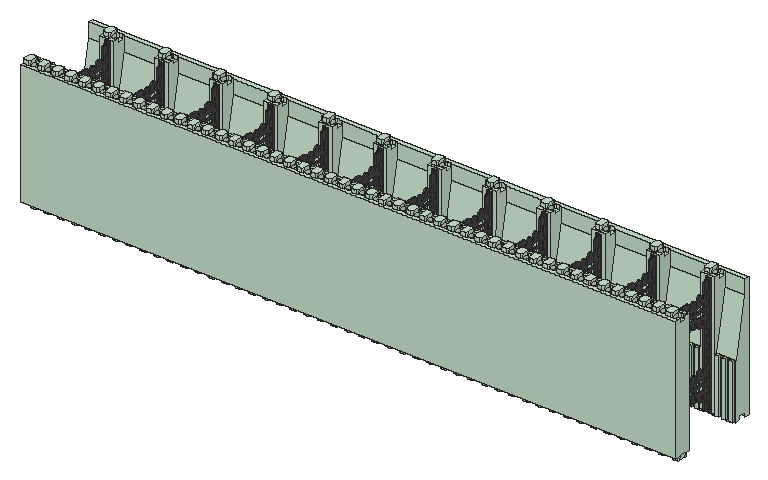
Revit family "ICF- NUDURA 8-inch- Single Sided Taper Top Form Unit- Imperial", category Generic Models, Revit 2011 (continued)
Forms (in)
  Extrusion 172, solid, material "NUDURA Expanded Polystyrene Foam Insulation"
    sketch origin (0, 0, 0) x (1, 0, 0) y (0, 1, 0)
      loop
        line (5.28117, 3.25) -> (5.21883, 3) -> (5.78117, 3) -> (5.71883, 3.25) -> (5.28117, 3.25)
      loop
        line (6.28117, 3.25) -> (6.21883, 3) -> (6.78117, 3) -> (6.71883, 3.25) -> (6.28117, 3.25)
      loop
        line (7.28117, 3.25) -> (7.21883, 3) -> (7.78117, 3) -> (7.71883, 3.25) -> (7.28117, 3.25)
      loop
        line (8.28117, 3.25) -> (8.21883, 3) -> (8.78117, 3) -> (8.71883, 3.25) -> (8.28117, 3.25)
      loop
        line (9.28117, 3.25) -> (9.21883, 3) -> (9.78117, 3) -> (9.71883, 3.25) -> (9.28117, 3.25)
      loop
        line (10.28117, 3.25) -> (10.21883, 3) -> (10.78117, 3) -> (10.71883, 3.25) -> (10.28117, 3.25)
      loop
        line (13.28117, 3.25) -> (13.21883, 3) -> (13.78117, 3) -> (13.71883, 3.25) -> (13.28117, 3.25)
      loop
        line (14.28117, 3.25) -> (14.21883, 3) -> (14.78117, 3) -> (14.71883, 3.25) -> (14.28117, 3.25)
      loop
        line (15.28117, 3.25) -> (15.21883, 3) -> (15.78117, 3) -> (15.71883, 3.25) -> (15.28117, 3.25)
      loop
        line (16.28117, 3.25) -> (16.21883, 3) -> (16.78117, 3) -> (16.71883, 3.25) -> (16.28117, 3.25)
      loop
        line (17.28117, 3.25) -> (17.21883, 3) -> (17.78117, 3) -> (17.71883, 3.25) -> (17.28117, 3.25)
      loop
        line (18.28117, 3.25) -> (18.21883, 3) -> (18.78117, 3) -> (18.71883, 3.25) -> (18.28117, 3.25)
      loop
        line (21.28117, 3.25) -> (21.21883, 3) -> (21.78117, 3) -> (21.71883, 3.25) -> (21.28117, 3.25)
      loop
        line (22.28117, 3.25) -> (22.21883, 3) -> (22.78117, 3) -> (22.71883, 3.25) -> (22.28117, 3.25)
      loop
        line (23.28117, 3.25) -> (23.21883, 3) -> (23.78117, 3) -> (23.71883, 3.25) -> (23.28117, 3.25)
      loop
        line (24.28117, 3.25) -> (24.21883, 3) -> (24.78117, 3) -> (24.71883, 3.25) -> (24.28117, 3.25)
      loop
        line (25.28117, 3.25) -> (25.21883, 3) -> (25.78117, 3) -> (25.71883, 3.25) -> (25.28117, 3.25)
      loop
        line (26.28117, 3.25) -> (26.21883, 3) -> (26.78117, 3) -> (26.71883, 3.25) -> (26.28117, 3.25)
      loop
        line (29.28117, 3.25) -> (29.21883, 3) -> (29.78117, 3) -> (29.71883, 3.25) -> (29.28117, 3.25)
      loop
        line (30.28117, 3.25) -> (30.21883, 3) -> (30.78117, 3) -> (30.71883, 3.25) -> (30.28117, 3.25)
      loop
        line (31.28117, 3.25) -> (31.21883, 3) -> (31.78117, 3) -> (31.71883, 3.25) -> (31.28117, 3.25)
      loop
        line (32.28117, 3.25) -> (32.21883, 3) -> (32.78117, 3) -> (32.71883, 3.25) -> (32.28117, 3.25)
      loop
        line (33.28117, 3.25) -> (33.21883, 3) -> (33.78117, 3) -> (33.71883, 3.25) -> (33.28117, 3.25)
      loop
        line (34.28117, 3.25) -> (34.21883, 3) -> (34.78117, 3) -> (34.71883, 3.25) -> (34.28117, 3.25)
      loop
        line (37.28117, 3.25) -> (37.21883, 3) -> (37.78117, 3) -> (37.71883, 3.25) -> (37.28117, 3.25)
      loop
        line (38.28117, 3.25) -> (38.21883, 3) -> (38.78117, 3) -> (38.71883, 3.25) -> (38.28117, 3.25)
      loop
        line (39.28117, 3.25) -> (39.21883, 3) -> (39.78117, 3) -> (39.71883, 3.25) -> (39.28117, 3.25)
      loop
        line (40.28117, 3.25) -> (40.21883, 3) -> (40.78117, 3) -> (40.71883, 3.25) -> (40.28117, 3.25)
      loop
        line (41.28117, 3.25) -> (41.21883, 3) -> (41.78117, 3) -> (41.71883, 3.25) -> (41.28117, 3.25)
      loop
        line (42.28117, 3.25) -> (42.21883, 3) -> (42.78117, 3) -> (42.71883, 3.25) -> (42.28117, 3.25)
      loop
        line (45.28117, 3.25) -> (45.21883, 3) -> (45.78117, 3) -> (45.71883, 3.25) -> (45.28117, 3.25)
      loop
        line (46.28117, 3.25) -> (46.21883, 3) -> (46.78117, 3) -> (46.71883, 3.25) -> (46.28117, 3.25)
      loop
        line (47.28117, 3.25) -> (47.21883, 3) -> (47.78117, 3) -> (47.71883, 3.25) -> (47.28117, 3.25)
      loop
        line (48.28117, 3.25) -> (48.21883, 3) -> (48.78117, 3) -> (48.71883, 3.25) -> (48.28117, 3.25)
      loop
        line (49.28117, 3.25) -> (49.21883, 3) -> (49.78117, 3) -> (49.71883, 3.25) -> (49.28117, 3.25)
      loop
        line (50.28117, 3.25) -> (50.21883, 3) -> (50.78117, 3) -> (50.71883, 3.25) -> (50.28117, 3.25)
      loop
        line (53.28117, 3.25) -> (53.21883, 3) -> (53.78117, 3) -> (53.71883, 3.25) -> (53.28117, 3.25)
      loop
        line (54.28117, 3.25) -> (54.21883, 3) -> (54.78117, 3) -> (54.71883, 3.25) -> (54.28117, 3.25)
      loop
        line (55.28117, 3.25) -> (55.21883, 3) -> (55.78117, 3) -> (55.71883, 3.25) -> (55.28117, 3.25)
      loop
        line (56.28117, 3.25) -> (56.21883, 3) -> (56.78117, 3) -> (56.71883, 3.25) -> (56.28117, 3.25)
      loop
        line (57.28117, 3.25) -> (57.21883, 3) -> (57.78117, 3) -> (57.71883, 3.25) -> (57.28117, 3.25)
      loop
        line (58.28117, 3.25) -> (58.21883, 3) -> (58.78117, 3) -> (58.71883, 3.25) -> (58.28117, 3.25)
      loop
        line (61.28117, 3.25) -> (61.21883, 3) -> (61.78117, 3) -> (61.71883, 3.25) -> (61.28117, 3.25)
      loop
        line (62.28117, 3.25) -> (62.21883, 3) -> (62.78117, 3) -> (62.71883, 3.25) -> (62.28117, 3.25)
      loop
        line (63.28117, 3.25) -> (63.21883, 3) -> (63.78117, 3) -> (63.71883, 3.25) -> (63.28117, 3.25)
      loop
        line (64.28117, 3.25) -> (64.21883, 3) -> (64.78117, 3) -> (64.71883, 3.25) -> (64.28117, 3.25)
      loop
        line (65.28117, 3.25) -> (65.21883, 3) -> (65.78117, 3) -> (65.71883, 3.25) -> (65.28117, 3.25)
      loop
        line (66.28117, 3.25) -> (66.21883, 3) -> (66.78117, 3) -> (66.71883, 3.25) -> (66.28117, 3.25)
      loop
        line (69.28117, 3.25) -> (69.21883, 3) -> (69.78117, 3) -> (69.71883, 3.25) -> (69.28117, 3.25)
      loop
        line (70.28117, 3.25) -> (70.21883, 3) -> (70.78117, 3) -> (70.71883, 3.25) -> (70.28117, 3.25)
      loop
        line (71.28117, 3.25) -> (71.21883, 3) -> (71.78117, 3) -> (71.71883, 3.25) -> (71.28117, 3.25)
      loop
        line (72.28117, 3.25) -> (72.21883, 3) -> (72.78117, 3) -> (72.71883, 3.25) -> (72.28117, 3.25)
      loop
        line (73.28117, 3.25) -> (73.21883, 3) -> (73.78117, 3) -> (73.71883, 3.25) -> (73.28117, 3.25)
      loop
        line (74.28117, 3.25) -> (74.21883, 3) -> (74.78117, 3) -> (74.71883, 3.25) -> (74.28117, 3.25)
      loop
        line (77.28117, 3.25) -> (77.21883, 3) -> (77.78117, 3) -> (77.71883, 3.25) -> (77.28117, 3.25)
      loop
        line (78.28117, 3.25) -> (78.21883, 3) -> (78.78117, 3) -> (78.71883, 3.25) -> (78.28117, 3.25)
      loop
        line (79.28117, 3.25) -> (79.21883, 3) -> (79.78117, 3) -> (79.71883, 3.25) -> (79.28117, 3.25)
      loop
        line (80.28117, 3.25) -> (80.21883, 3) -> (80.78117, 3) -> (80.71883, 3.25) -> (80.28117, 3.25)
      loop
        line (81.28117, 3.25) -> (81.21883, 3) -> (81.78117, 3) -> (81.71883, 3.25) -> (81.28117, 3.25)
      loop
        line (82.28117, 3.25) -> (82.21883, 3) -> (82.78117, 3) -> (82.71883, 3.25) -> (82.28117, 3.25)
      loop
        line (85.28117, 3.25) -> (85.21883, 3) -> (85.78117, 3) -> (85.71883, 3.25) -> (85.28117, 3.25)
      loop
        line (86.28117, 3.25) -> (86.21883, 3) -> (86.78117, 3) -> (86.71883, 3.25) -> (86.28117, 3.25)
      loop
        line (87.28117, 3.25) -> (87.21883, 3) -> (87.78117, 3) -> (87.71883, 3.25) -> (87.28117, 3.25)
      loop
        line (88.28117, 3.25) -> (88.21883, 3) -> (88.78117, 3) -> (88.71883, 3.25) -> (88.28117, 3.25)
      loop
        line (89.28117, 3.25) -> (89.21883, 3) -> (89.78117, 3) -> (89.71883, 3.25) -> (89.28117, 3.25)
      loop
        line (90.28117, 3.25) -> (90.21883, 3) -> (90.78117, 3) -> (90.71883, 3.25) -> (90.28117, 3.25)
      loop
        line (93.28117, 3.25) -> (93.21883, 3) -> (93.78117, 3) -> (93.71883, 3.25) -> (93.28117, 3.25)
      loop
        line (94.28117, 3.25) -> (94.21883, 3) -> (94.78117, 3) -> (94.71883, 3.25) -> (94.28117, 3.25)
      loop
        line (95.28117, 3.25) -> (95.21883, 3) -> (95.78117, 3) -> (95.71883, 3.25) -> (95.28117, 3.25)
    from 0 to 8
Cuts and joins
  Extrusion 2, Extrusion 3, Extrusion 4, Extrusion 5, Extrusion 6, Extrusion 7, Extrusion 8, Extrusion 9, Extrusion 10, Extrusion 11, Extrusion 12, Extrusion 13, Extrusion 14, Extrusion 15, Extrusion 16, Extrusion 17, Extrusion 18, Extrusion 19, Extrusion 20, Extrusion 21, Extrusion 22, Extrusion 23, Extrusion 24, Extrusion 25, Extrusion 26, Extrusion 27, Extrusion 28, Extrusion 29, Extrusion 30, Extrusion 31, Extrusion 32, Extrusion 33, Extrusion 34, Extrusion 35, Extrusion 36, Extrusion 37, Extrusion 38, Extrusion 39, Extrusion 40, Extrusion 41, Extrusion 42, Extrusion 43, Extrusion 44, Extrusion 45, Extrusion 46, Extrusion 47, Extrusion 48, Extrusion 49, Extrusion 50, Extrusion 51, Extrusion 52, Extrusion 53, Extrusion 54, Extrusion 55, Extrusion 56, Extrusion 57, Extrusion 58, Extrusion 59, Extrusion 60, Extrusion 61, Extrusion 62, Extrusion 63, Extrusion 64, Extrusion 65, Extrusion 66, Extrusion 67, Extrusion 68, Extrusion 69, Extrusion 70, Extrusion 71, Extrusion 72, Extrusion 73, Extrusion 74, Extrusion 75, Extrusion 76, Extrusion 77, Extrusion 78, Extrusion 79, Extrusion 80, Extrusion 81, Extrusion 82, Extrusion 83, Extrusion 84, Extrusion 85, Extrusion 86, Extrusion 87, Extrusion 88, Extrusion 89, Extrusion 90, Extrusion 91, Extrusion 92, Extrusion 93, Extrusion 94, Extrusion 95, Extrusion 96, Extrusion 97, Extrusion 98, Extrusion 99, Extrusion 100, Extrusion 101, Extrusion 102, Extrusion 103, Extrusion 104, Extrusion 105, Extrusion 106, Extrusion 107, Extrusion 108, Extrusion 109, Extrusion 110, Extrusion 111, Extrusion 112, Extrusion 113, Extrusion 114, Extrusion 115, Extrusion 116, Extrusion 117, Extrusion 118, Extrusion 119, Extrusion 120, Extrusion 121, Extrusion 122, Extrusion 123, Extrusion 124, Extrusion 125, Extrusion 126, Extrusion 127, Extrusion 128, Extrusion 129, Extrusion 130, Extrusion 131, Extrusion 132, Extrusion 133, Extrusion 134, Extrusion 135, Extrusion 136, Extrusion 137, Extrusion 138, Extrusion 139, Extrusion 140, Extrusion 141, Extrusion 142, Extrusion 143, Extrusion 144, Extrusion 145, Extrusion 146, Extrusion 147, Extrusion 148, Extrusion 149, Extrusion 150, Extrusion 151, Extrusion 152, Extrusion 153, Extrusion 154, Extrusion 155, Extrusion 156, Extrusion 157 cuts Extrusion 1
  Extrusion 50, Extrusion 51, Extrusion 52, Extrusion 53, Extrusion 54, Extrusion 55, Extrusion 56, Extrusion 57, Extrusion 58, Extrusion 59, Extrusion 60, Extrusion 61, Extrusion 110, Extrusion 111, Extrusion 112, Extrusion 113, Extrusion 114, Extrusion 115, Extrusion 116, Extrusion 117, Extrusion 118, Extrusion 119, Extrusion 120, Extrusion 121, Extrusion 122, Extrusion 123, Extrusion 124, Extrusion 125, Extrusion 126, Extrusion 127, Extrusion 128, Extrusion 129, Extrusion 130, Extrusion 131, Extrusion 132, Extrusion 133, Extrusion 134, Extrusion 135, Extrusion 136, Extrusion 137, Extrusion 138, Extrusion 139, Extrusion 140, Extrusion 141, Extrusion 142, Extrusion 143, Extrusion 144, Extrusion 145, Extrusion 146, Extrusion 147, Extrusion 148, Extrusion 149, Extrusion 150, Extrusion 151, Extrusion 152, Extrusion 153, Extrusion 154, Extrusion 155, Extrusion 156, Extrusion 157 cuts Extrusion 158
  Extrusion 61 cuts Extrusion 159
  Extrusion 60 cuts Extrusion 160
  Extrusion 59 cuts Extrusion 161
  Extrusion 58 cuts Extrusion 162
  Extrusion 57 cuts Extrusion 163
  Extrusion 56 cuts Extrusion 164
  Extrusion 55 cuts Extrusion 165
  Extrusion 54 cuts Extrusion 166
  Extrusion 53 cuts Extrusion 167
  Extrusion 53 cuts Extrusion 168
  Extrusion 52 cuts Extrusion 169
  Extrusion 51 cuts Extrusion 170
  Extrusion 50 cuts Extrusion 171
  joined: Extrusion 158, Extrusion 159, Extrusion 160, Extrusion 161, Extrusion 162, Extrusion 163, Extrusion 164, Extrusion 165, Extrusion 166, Extrusion 167, Extrusion 168, Extrusion 169, Extrusion 170, Extrusion 171, Extrusion 172
Lines and regions (in)
  model lines
    curve 1: line (8, -7.625, 18) -> (8, -7.625, 0)
    curve 2: line (88, 5.625, 18) -> (88, 5.625, 0)
    curve 3: line (64, 5.625, 18) -> (64, 5.625, 0)
    curve 4: line (40, 5.625, 18) -> (40, 5.625, 0)
    curve 5: line (16, 5.625, 18) -> (16, 5.625, 0)
Dimensions and locks (in)
  locked: plane 3 "Center (Left/Right)" to plane 4 at 96
  plane 6 to plane 5 = 0' - 8"
  locked: plane 5 to plane 7 at 2.625
  locked: plane 8 to plane 6 at 2.625
  locked: plane 9 to level at 18
  locked: plane 4 to plane 3 "Center (Left/Right)" at 96
  locked: plane 9 to plane 10 at 0.5
  locked: plane 11 to level at 0.5
  aligned and locked: plane 9 to Extrusion 1
  aligned and locked: Extrusion 1 to plane 3 "Center (Left/Right)"
  aligned and locked: plane 4 to Extrusion 1
  aligned and locked: level to Extrusion 1
  aligned and locked: nested 1 to plane 8
  aligned and locked: nested 124 to cut or joined group 1 (Extrusion 1, Extrusion 2, Extrusion 3, Extrusion 4, Extrusion 5, Extrusion 6, Extrusion 7, Extrusion 8, Extrusion 9, Extrusion 10, Extrusion 11, Extrusion 12, Extrusion 13, Extrusion 14, Extrusion 15, Extrusion 16, Extrusion 17, Extrusion 18, Extrusion 19, Extrusion 20, Extrusion 21, Extrusion 22, Extrusion 23, Extrusion 24, Extrusion 25, Extrusion 26, Extrusion 27, Extrusion 28, Extrusion 29, Extrusion 30, Extrusion 31, Extrusion 32, Extrusion 33, Extrusion 34, Extrusion 35, Extrusion 36, Extrusion 37, Extrusion 38, Extrusion 39, Extrusion 40, Extrusion 41, Extrusion 42, Extrusion 43, Extrusion 44, Extrusion 45, Extrusion 46, Extrusion 47, Extrusion 48, Extrusion 49, Extrusion 50, Extrusion 51, Extrusion 52, Extrusion 53, Extrusion 54, Extrusion 55, Extrusion 56, Extrusion 57, Extrusion 58, Extrusion 59, Extrusion 60, Extrusion 61, Extrusion 62, Extrusion 63, Extrusion 64, Extrusion 65, Extrusion 66, Extrusion 67, Extrusion 68, Extrusion 69, Extrusion 70, Extrusion 71, Extrusion 72, Extrusion 73, Extrusion 74, Extrusion 75, Extrusion 76, Extrusion 77, Extrusion 78, Extrusion 79, Extrusion 80, Extrusion 81, Extrusion 82, Extrusion 83, Extrusion 84, Extrusion 85, Extrusion 86, Extrusion 87, Extrusion 88, Extrusion 89, Extrusion 90, Extrusion 91, Extrusion 92, Extrusion 93, Extrusion 94, Extrusion 95, Extrusion 96, Extrusion 97, Extrusion 98, Extrusion 99, Extrusion 100, Extrusion 101, Extrusion 102, Extrusion 103, Extrusion 104, Extrusion 105, Extrusion 106, Extrusion 107, Extrusion 108, Extrusion 109, Extrusion 110, Extrusion 111, Extrusion 112, Extrusion 113, Extrusion 114, Extrusion 115, Extrusion 116, Extrusion 117, Extrusion 118, Extrusion 119, Extrusion 120, Extrusion 121, Extrusion 122, Extrusion 123, Extrusion 124, Extrusion 125, Extrusion 126, Extrusion 127, Extrusion 128, Extrusion 129, Extrusion 130, Extrusion 131, Extrusion 132, Extrusion 133, Extrusion 134, Extrusion 135, Extrusion 136, Extrusion 137, Extrusion 138, Extrusion 139, Extrusion 140, Extrusion 141, Extrusion 142, Extrusion 143, Extrusion 144, Extrusion 145, Extrusion 146, Extrusion 147, Extrusion 148, Extrusion 149, Extrusion 150, Extrusion 151, Extrusion 152, Extrusion 153, Extrusion 154, Extrusion 155, Extrusion 156, Extrusion 157)
  aligned and locked: nested 173 to cut or joined group 1
  aligned and locked: cut or joined group 1 to nested 174
  aligned and locked: cut or joined group 1 to nested 175
  aligned and locked: cut or joined group 1 to nested 176
Nested families (in)
  nested 1: "NUDURA Diamond Pattern" at (0, -2, 0), type "NUDURA Diamond Pattern"
  nested 2: "NUDURA Diamond Pattern" at (16, -2, 0), type "NUDURA Diamond Pattern"
  nested 3: "NUDURA Diamond Pattern" at (24, -2, 0), type "NUDURA Diamond Pattern"
  nested 4: "NUDURA Diamond Pattern" at (40, -2, 0), type "NUDURA Diamond Pattern"
  nested 5: "NUDURA Diamond Pattern" at (48, -2, 0), type "NUDURA Diamond Pattern"
  nested 6: "NUDURA Diamond Pattern" at (64, -2, 0), type "NUDURA Diamond Pattern"
  nested 7: "NUDURA Diamond Pattern" at (72, -2, 0), type "NUDURA Diamond Pattern"
  nested 8: "NUDURA Diamond Pattern" at (88, -2, 0), type "NUDURA Diamond Pattern"
  nested 9: "NUDURA Diamond Pattern" at (0, 0, 0), type "NUDURA Diamond Pattern"
  nested 10: "NUDURA Diamond Pattern" at (16, 0, 0), type "NUDURA Diamond Pattern"
  nested 11: "NUDURA Diamond Pattern" at (24, 0, 0), type "NUDURA Diamond Pattern"
  nested 12: "NUDURA Diamond Pattern" at (40, 0, 0), type "NUDURA Diamond Pattern"
  nested 13: "NUDURA Diamond Pattern" at (48, 0, 0), type "NUDURA Diamond Pattern"
  nested 14: "NUDURA Diamond Pattern" at (64, 0, 0), type "NUDURA Diamond Pattern"
  nested 15: "NUDURA Diamond Pattern" at (72, 0, 0), type "NUDURA Diamond Pattern"
  nested 16: "NUDURA Diamond Pattern" at (88, 0, 0), type "NUDURA Diamond Pattern"
  nested 17: "Interlock Tooth" at (0, -2, 0), type "Interlock Tooth"
  nested 18: "Interlock Tooth" at (2, -2, 0), type "Interlock Tooth"
  nested 19: "Interlock Tooth" at (4, -2, 0), type "Interlock Tooth"
  nested 20: "Interlock Tooth" at (6, -2, 0), type "Interlock Tooth"
  nested 21: "Interlock Tooth" at (8, -2, 0), type "Interlock Tooth"
  nested 22: "Interlock Tooth" at (10, -2, 0), type "Interlock Tooth"
  nested 23: "Interlock Tooth" at (12, -2, 0), type "Interlock Tooth"
  nested 24: "Interlock Tooth" at (14, -2, 0), type "Interlock Tooth"
  nested 25: "Interlock Tooth" at (16, -2, 0), type "Interlock Tooth"
  nested 26: "Interlock Tooth" at (18, -2, 0), type "Interlock Tooth"
  nested 27: "Interlock Tooth" at (20, -2, 0), type "Interlock Tooth"
  nested 28: "Interlock Tooth" at (22, -2, 0), type "Interlock Tooth"
  nested 29: "Interlock Tooth" at (24, -2, 0), type "Interlock Tooth"
  nested 30: "Interlock Tooth" at (26, -2, 0), type "Interlock Tooth"
  nested 31: "Interlock Tooth" at (28, -2, 0), type "Interlock Tooth"
  nested 32: "Interlock Tooth" at (30, -2, 0), type "Interlock Tooth"
  nested 33: "Interlock Tooth" at (32, -2, 0), type "Interlock Tooth"
  nested 34: "Interlock Tooth" at (34, -2, 0), type "Interlock Tooth"
  nested 35: "Interlock Tooth" at (36, -2, 0), type "Interlock Tooth"
  nested 36: "Interlock Tooth" at (38, -2, 0), type "Interlock Tooth"
  nested 37: "Interlock Tooth" at (40, -2, 0), type "Interlock Tooth"
  nested 38: "Interlock Tooth" at (42, -2, 0), type "Interlock Tooth"
  nested 39: "Interlock Tooth" at (44, -2, 0), type "Interlock Tooth"
  nested 40: "Interlock Tooth" at (46, -2, 0), type "Interlock Tooth"
  nested 41: "Interlock Tooth" at (48, -2, 0), type "Interlock Tooth"
  nested 42: "Interlock Tooth" at (50, -2, 0), type "Interlock Tooth"
  nested 43: "Interlock Tooth" at (52, -2, 0), type "Interlock Tooth"
  nested 44: "Interlock Tooth" at (54, -2, 0), type "Interlock Tooth"
  nested 45: "Interlock Tooth" at (56, -2, 0), type "Interlock Tooth"
  nested 46: "Interlock Tooth" at (58, -2, 0), type "Interlock Tooth"
  nested 47: "Interlock Tooth" at (60, -2, 0), type "Interlock Tooth"
  nested 48: "Interlock Tooth" at (62, -2, 0), type "Interlock Tooth"
  nested 49: "Interlock Tooth" at (64, -2, 0), type "Interlock Tooth"
  nested 50: "Interlock Tooth" at (66, -2, 0), type "Interlock Tooth"
  nested 51: "Interlock Tooth" at (68, -2, 0), type "Interlock Tooth"
  nested 52: "Interlock Tooth" at (70, -2, 0), type "Interlock Tooth"
  nested 53: "Interlock Tooth" at (72, -2, 0), type "Interlock Tooth"
  nested 54: "Interlock Tooth" at (74, -2, 0), type "Interlock Tooth"
  nested 55: "Interlock Tooth" at (76, -2, 0), type "Interlock Tooth"
  nested 56: "Interlock Tooth" at (78, -2, 0), type "Interlock Tooth"
  nested 57: "Interlock Tooth" at (80, -2, 0), type "Interlock Tooth"
  nested 58: "Interlock Tooth" at (82, -2, 0), type "Interlock Tooth"
  nested 59: "Interlock Tooth" at (84, -2, 0), type "Interlock Tooth"
  nested 60: "Interlock Tooth" at (86, -2, 0), type "Interlock Tooth"
  nested 61: "Interlock Tooth" at (88, -2, 0), type "Interlock Tooth"
  nested 62: "Interlock Tooth" at (90, -2, 0), type "Interlock Tooth"
  nested 63: "Interlock Tooth" at (92, -2, 0), type "Interlock Tooth"
  nested 64: "Interlock Tooth" at (94, -2, 0), type "Interlock Tooth"
  nested 65: "Interlock Tooth" at (3, 8.875, 0), type "Interlock Tooth"
  nested 66: "Interlock Tooth" at (11, 8.875, 0), type "Interlock Tooth"
  nested 67: "Interlock Tooth" at (19, 8.875, 0), type "Interlock Tooth"
  nested 68: "Interlock Tooth" at (27, 8.875, 0), type "Interlock Tooth"
  nested 69: "Interlock Tooth" at (35, 8.875, 0), type "Interlock Tooth"
  nested 70: "Interlock Tooth" at (43, 8.875, 0), type "Interlock Tooth"
  nested 71: "Interlock Tooth" at (51, 8.875, 0), type "Interlock Tooth"
  nested 72: "Interlock Tooth" at (59, 8.875, 0), type "Interlock Tooth"
  nested 73: "Interlock Tooth" at (67, 8.875, 0), type "Interlock Tooth"
  nested 74: "Interlock Tooth" at (75, 8.875, 0), type "Interlock Tooth"
  nested 75: "Interlock Tooth" at (83, 8.875, 0), type "Interlock Tooth"
  nested 76: "Interlock Tooth" at (91, 8.875, 0), type "Interlock Tooth"
  nested 77: "Interlock Tooth" at (1, -10.875, -18.5), type "Interlock Tooth"
  nested 78: "Interlock Tooth" at (3, -10.875, -18.5), type "Interlock Tooth"
  nested 79: "Interlock Tooth" at (5, -10.875, -18.5), type "Interlock Tooth"
  nested 80: "Interlock Tooth" at (7, -10.875, -18.5), type "Interlock Tooth"
  nested 81: "Interlock Tooth" at (9, -10.875, -18.5), type "Interlock Tooth"
  nested 82: "Interlock Tooth" at (11, -10.875, -18.5), type "Interlock Tooth"
  nested 83: "Interlock Tooth" at (13, -10.875, -18.5), type "Interlock Tooth"
  nested 84: "Interlock Tooth" at (15, -10.875, -18.5), type "Interlock Tooth"
  nested 85: "Interlock Tooth" at (17, -10.875, -18.5), type "Interlock Tooth"
  nested 86: "Interlock Tooth" at (19, -10.875, -18.5), type "Interlock Tooth"
  nested 87: "Interlock Tooth" at (21, -10.875, -18.5), type "Interlock Tooth"
  nested 88: "Interlock Tooth" at (23, -10.875, -18.5), type "Interlock Tooth"
  nested 89: "Interlock Tooth" at (25, -10.875, -18.5), type "Interlock Tooth"
  nested 90: "Interlock Tooth" at (27, -10.875, -18.5), type "Interlock Tooth"
  nested 91: "Interlock Tooth" at (29, -10.875, -18.5), type "Interlock Tooth"
  nested 92: "Interlock Tooth" at (31, -10.875, -18.5), type "Interlock Tooth"
  nested 93: "Interlock Tooth" at (33, -10.875, -18.5), type "Interlock Tooth"
  nested 94: "Interlock Tooth" at (35, -10.875, -18.5), type "Interlock Tooth"
  nested 95: "Interlock Tooth" at (37, -10.875, -18.5), type "Interlock Tooth"
  nested 96: "Interlock Tooth" at (39, -10.875, -18.5), type "Interlock Tooth"
  nested 97: "Interlock Tooth" at (41, -10.875, -18.5), type "Interlock Tooth"
  nested 98: "Interlock Tooth" at (43, -10.875, -18.5), type "Interlock Tooth"
  nested 99: "Interlock Tooth" at (45, -10.875, -18.5), type "Interlock Tooth"
  nested 100: "Interlock Tooth" at (47, -10.875, -18.5), type "Interlock Tooth"
  nested 101: "Interlock Tooth" at (49, -10.875, -18.5), type "Interlock Tooth"
  nested 102: "Interlock Tooth" at (51, -10.875, -18.5), type "Interlock Tooth"
  nested 103: "Interlock Tooth" at (53, -10.875, -18.5), type "Interlock Tooth"
  nested 104: "Interlock Tooth" at (55, -10.875, -18.5), type "Interlock Tooth"
  nested 105: "Interlock Tooth" at (57, -10.875, -18.5), type "Interlock Tooth"
  nested 106: "Interlock Tooth" at (59, -10.875, -18.5), type "Interlock Tooth"
  nested 107: "Interlock Tooth" at (61, -10.875, -18.5), type "Interlock Tooth"
  nested 108: "Interlock Tooth" at (63, -10.875, -18.5), type "Interlock Tooth"
  nested 109: "Interlock Tooth" at (65, -10.875, -18.5), type "Interlock Tooth"
  nested 110: "Interlock Tooth" at (67, -10.875, -18.5), type "Interlock Tooth"
  nested 111: "Interlock Tooth" at (69, -10.875, -18.5), type "Interlock Tooth"
  nested 112: "Interlock Tooth" at (71, -10.875, -18.5), type "Interlock Tooth"
  nested 113: "Interlock Tooth" at (73, -10.875, -18.5), type "Interlock Tooth"
  nested 114: "Interlock Tooth" at (75, -10.875, -18.5), type "Interlock Tooth"
  nested 115: "Interlock Tooth" at (77, -10.875, -18.5), type "Interlock Tooth"
  nested 116: "Interlock Tooth" at (79, -10.875, -18.5), type "Interlock Tooth"
  nested 117: "Interlock Tooth" at (81, -10.875, -18.5), type "Interlock Tooth"
  nested 118: "Interlock Tooth" at (83, -10.875, -18.5), type "Interlock Tooth"
  nested 119: "Interlock Tooth" at (85, -10.875, -18.5), type "Interlock Tooth"
  nested 120: "Interlock Tooth" at (87, -10.875, -18.5), type "Interlock Tooth"
  nested 121: "Interlock Tooth" at (89, -10.875, -18.5), type "Interlock Tooth"
  nested 122: "Interlock Tooth" at (91, -10.875, -18.5), type "Interlock Tooth"
  nested 123: "Interlock Tooth" at (93, -10.875, -18.5), type "Interlock Tooth"
  nested 124: "Interlock Tooth" at (95, -10.875, -18.5), type "Interlock Tooth"
  nested 125: "Interlock Tooth" at (0, 0, -18.5), type "Interlock Tooth"
  nested 126: "Interlock Tooth" at (2, 0, -18.5), type "Interlock Tooth"
  nested 127: "Interlock Tooth" at (4, 0, -18.5), type "Interlock Tooth"
  nested 128: "Interlock Tooth" at (6, 0, -18.5), type "Interlock Tooth"
  nested 129: "Interlock Tooth" at (8, 0, -18.5), type "Interlock Tooth"
  nested 130: "Interlock Tooth" at (10, 0, -18.5), type "Interlock Tooth"
  nested 131: "Interlock Tooth" at (12, 0, -18.5), type "Interlock Tooth"
  nested 132: "Interlock Tooth" at (14, 0, -18.5), type "Interlock Tooth"
  nested 133: "Interlock Tooth" at (16, 0, -18.5), type "Interlock Tooth"
  nested 134: "Interlock Tooth" at (18, 0, -18.5), type "Interlock Tooth"
  nested 135: "Interlock Tooth" at (20, 0, -18.5), type "Interlock Tooth"
  nested 136: "Interlock Tooth" at (22, 0, -18.5), type "Interlock Tooth"
  nested 137: "Interlock Tooth" at (24, 0, -18.5), type "Interlock Tooth"
  nested 138: "Interlock Tooth" at (26, 0, -18.5), type "Interlock Tooth"
  nested 139: "Interlock Tooth" at (28, 0, -18.5), type "Interlock Tooth"
  nested 140: "Interlock Tooth" at (30, 0, -18.5), type "Interlock Tooth"
  nested 141: "Interlock Tooth" at (32, 0, -18.5), type "Interlock Tooth"
  nested 142: "Interlock Tooth" at (34, 0, -18.5), type "Interlock Tooth"
  nested 143: "Interlock Tooth" at (36, 0, -18.5), type "Interlock Tooth"
  nested 144: "Interlock Tooth" at (38, 0, -18.5), type "Interlock Tooth"
  nested 145: "Interlock Tooth" at (40, 0, -18.5), type "Interlock Tooth"
  nested 146: "Interlock Tooth" at (42, 0, -18.5), type "Interlock Tooth"
  nested 147: "Interlock Tooth" at (44, 0, -18.5), type "Interlock Tooth"
  nested 148: "Interlock Tooth" at (46, 0, -18.5), type "Interlock Tooth"
  nested 149: "Interlock Tooth" at (48, 0, -18.5), type "Interlock Tooth"
  nested 150: "Interlock Tooth" at (50, 0, -18.5), type "Interlock Tooth"
  nested 151: "Interlock Tooth" at (52, 0, -18.5), type "Interlock Tooth"
  nested 152: "Interlock Tooth" at (54, 0, -18.5), type "Interlock Tooth"
  nested 153: "Interlock Tooth" at (56, 0, -18.5), type "Interlock Tooth"
  nested 154: "Interlock Tooth" at (58, 0, -18.5), type "Interlock Tooth"
  nested 155: "Interlock Tooth" at (60, 0, -18.5), type "Interlock Tooth"
  nested 156: "Interlock Tooth" at (62, 0, -18.5), type "Interlock Tooth"
  nested 157: "Interlock Tooth" at (64, 0, -18.5), type "Interlock Tooth"
  nested 158: "Interlock Tooth" at (66, 0, -18.5), type "Interlock Tooth"
  nested 159: "Interlock Tooth" at (68, 0, -18.5), type "Interlock Tooth"
  nested 160: "Interlock Tooth" at (70, 0, -18.5), type "Interlock Tooth"
  nested 161: "Interlock Tooth" at (72, 0, -18.5), type "Interlock Tooth"
  nested 162: "Interlock Tooth" at (74, 0, -18.5), type "Interlock Tooth"
  nested 163: "Interlock Tooth" at (76, 0, -18.5), type "Interlock Tooth"
  nested 164: "Interlock Tooth" at (78, 0, -18.5), type "Interlock Tooth"
  nested 165: "Interlock Tooth" at (80, 0, -18.5), type "Interlock Tooth"
  nested 166: "Interlock Tooth" at (82, 0, -18.5), type "Interlock Tooth"
  nested 167: "Interlock Tooth" at (84, 0, -18.5), type "Interlock Tooth"
  nested 168: "Interlock Tooth" at (86, 0, -18.5), type "Interlock Tooth"
  nested 169: "Interlock Tooth" at (88, 0, -18.5), type "Interlock Tooth"
  nested 170: "Interlock Tooth" at (90, 0, -18.5), type "Interlock Tooth"
  nested 171: "Interlock Tooth" at (92, 0, -18.5), type "Interlock Tooth"
  nested 172: "Interlock Tooth" at (94, 0, -18.5), type "Interlock Tooth"
  nested 173: "NUDURA Logo Diamond" at (0, -7.625, 0), type "NUDURA Logo Diamond"
  nested 174: "NUDURA Logo Diamond" at (24, -7.625, 0), type "NUDURA Logo Diamond"
  nested 175: "NUDURA Logo Diamond" at (48, -7.625, 0), type "NUDURA Logo Diamond"
  nested 176: "NUDURA Logo Diamond" at (72, -7.625, 0), type "NUDURA Logo Diamond"
  nested 177: "NUDURA Logo Diamond" at (95.99744, 5.625, 0) x (-1, 0, 0) z (0, 0, 1), type "NUDURA Logo Diamond"
  nested 178: "NUDURA Logo Diamond" at (71.99744, 5.625, 0) x (-1, 0, 0) z (0, 0, 1), type "NUDURA Logo Diamond"
  nested 179: "NUDURA Logo Diamond" at (47.99744, 5.625, 0) x (-1, 0, 0) z (0, 0, 1), type "NUDURA Logo Diamond"
  nested 180: "NUDURA Logo Diamond" at (23.99744, 5.625, 0) x (-1, 0, 0) z (0, 0, 1), type "NUDURA Logo Diamond"
  nested 181: "8-inch Insert Web" at (4, -1, 0), type "8-inch Insert Web"
  nested 182: "8-inch Insert Web" at (12, -1, 0), type "8-inch Insert Web"
  nested 183: "8-inch Insert Web" at (20, -1, 0), type "8-inch Insert Web"
  nested 184: "8-inch Insert Web" at (28, -1, 0), type "8-inch Insert Web"
  nested 185: "8-inch Insert Web" at (36, -1, 0), type "8-inch Insert Web"
  nested 186: "8-inch Insert Web" at (44, -1, 0), type "8-inch Insert Web"
  nested 187: "8-inch Insert Web" at (52, -1, 0), type "8-inch Insert Web"
  nested 188: "8-inch Insert Web" at (60, -1, 0), type "8-inch Insert Web"
  nested 189: "8-inch Insert Web" at (68, -1, 0), type "8-inch Insert Web"
  nested 190: "8-inch Insert Web" at (76, -1, 0), type "8-inch Insert Web"
  nested 191: "8-inch Insert Web" at (84, -1, 0), type "8-inch Insert Web"
  nested 192: "8-inch Insert Web" at (92, -1, 0), type "8-inch Insert Web"
Definition of nested family "Interlock Tooth"
  Reference planes (in)
    plane 1 "Center (Front/Back)": y = 0
    plane 2: z = 0
    plane 3 "Center (Left/Right)": x = 0
    plane 4: z = 18
    plane 5: z = 18.5
    plane 6: z = -0.5
  Forms (in)
    Extrusion 1, solid, material "NUDURA Expanded Polystyrene Foam Insulation"
      sketch origin (0, -8.875, 0) x (1, 0, 0) y (0, 1, 0)
        loop
          arc (0, 3.97692) -> (0.04785, 3.82983) -> (0.17308, 3.73905) r 0.25
          arc (0.17308, 3.73905) -> (0.5, 3.6875) -> (0.82692, 3.73905) r 1.0625
          arc (0.82692, 3.73905) -> (0.95215, 3.82983) -> (1, 3.97692) r 0.25
          line (1, 3.97692) -> (1, 4.89808)
          arc (1, 4.89808) -> (0.95215, 5.04517) -> (0.82692, 5.13595) r 0.25
          arc (0.82692, 5.13595) -> (0.5, 5.1875) -> (0.17308, 5.13595) r 1.0625
          arc (0.17308, 5.13595) -> (0.04785, 5.04517) -> (0, 4.89808) r 0.25
          line (0, 4.89808) -> (0, 3.97692)
      from 18 to 18.5
  Dimensions and locks (in)
    locked: plane 4 to level at 18
    locked: plane 4 to plane 5 at 0.5
    locked: plane 6 to level at 0.5
Definition of nested family "8-inch Insert Web"
  Reference planes (in)
    plane 1 "Center (Front/Back)": y = 0
    plane 2: z = 0
    plane 3 "Center (Left/Right)": x = 0
  Forms (in)
    Extrusion 1, solid, material "High Density Polystyrene"
      sketch origin (0, 0, 0) x (0, 1, 0) y (0, 0, 1)
        loop
          line (4.25, 0) -> (4.25, 17.74583)
          arc (4.25, 17.74583) -> (4.22112, 17.72608) -> (4.21, 17.69292) r 0.055
          line (4.21, 17.69292) -> (4.21, 0.05292)
          arc (4.21, 0.05292) -> (4.22112, 0.01975) -> (4.25, 0) r 0.055
        loop
          arc (-4.25, 0) -> (-4.22112, 0.01975) -> (-4.21, 0.05292) r 0.055
          line (-4.21, 0.05292) -> (-4.21, 17.69292)
          arc (-4.21, 17.69292) -> (-4.22112, 17.72608) -> (-4.25, 17.74583) r 0.055
          line (-4.25, 17.74583) -> (-4.25, 0)
      from 0.36328 to -0.36328
    Extrusion 2, solid, material "High Density Polystyrene"
      sketch origin (0, 0, 0) x (0, 1, 0) y (0, 0, 1)
        loop
          line (-4.12543, 17.57204) -> (-4.19457, 17.61045)
          arc (-4.19457, 17.61045) -> (-4.20585, 17.62147) -> (-4.21, 17.63668) r 0.03
          line (-4.21, 17.63668) -> (-4.21, 17.38789)
          arc (-4.21, 17.38789) -> (-4.20374, 17.40241) -> (-4.18889, 17.40785) r 0.02
          line (-4.18889, 17.40785) -> (-4.13111, 17.40464)
          arc (-4.13111, 17.40464) -> (-4.11625, 17.41008) -> (-4.11, 17.42461) r 0.02
          line (-4.11, 17.42461) -> (-4.11, 17.54582)
          arc (-4.11, 17.54582) -> (-4.11414, 17.56103) -> (-4.12543, 17.57204) r 0.03
        loop
          line (-3.5, 17.20772) -> (-3.6, 17.20772) -> (-3.6, 17.2388)
          arc (-3.6, 17.2388) -> (-3.61433, 17.27339) -> (-3.64893, 17.28772) r 0.04893
          line (-3.64893, 17.28772) -> (-3.77609, 17.28772) -> (-3.825, 17.43772)
          arc (-3.825, 17.43772) -> (-3.875, 17.46772) -> (-3.925, 17.43772) r 0.05667
          line (-3.925, 17.43772) -> (-4, 17.20772) -> (-4, 0.53811) -> (-3.925, 0.30811)
          arc (-3.925, 0.30811) -> (-3.875, 0.27811) -> (-3.825, 0.30811) r 0.05667
          line (-3.825, 0.30811) -> (-3.77609, 0.45811) -> (-3.64893, 0.45811)
          arc (-3.64893, 0.45811) -> (-3.61433, 0.47244) -> (-3.6, 0.50703) r 0.04893
          line (-3.6, 0.50703) -> (-3.6, 0.53811) -> (-3.5, 0.53811) -> (-3.5, 1.98988)
          arc (-3.5, 1.98988) -> (-3.48945, 2.05625) -> (-3.45885, 2.11607) r 0.21407
          arc (-3.45885, 2.11607) -> (-3.34445, 2.29893) -> (-3.25724, 2.49621) r 1.51187
          arc (-3.25724, 2.49621) -> (-2.80567, 2.83663) -> (-2.82334, 2.2714) r 0.31353
          arc (-2.82334, 2.2714) -> (-2.94589, 1.98542) -> (-2.65991, 1.86287) r 0.22
          arc (-2.65991, 1.86287) -> (-2.42226, 2.01561) -> (-2.26768, 2.25208) r 0.67666
          arc (-2.26768, 2.25208) -> (-2.17842, 2.56138) -> (-2.13199, 2.87994) r 2.36477
          arc (-2.13199, 2.87994) -> (-1.64652, 3.12692) -> (-1.68105, 2.58333) r 0.31353
          arc (-1.68105, 2.58333) -> (-1.75958, 2.29597) -> (-1.47754, 2.20007) r 0.21738
          arc (-1.47754, 2.20007) -> (-1.27285, 2.35346) -> (-1.13163, 2.56673) r 0.74993
          line (-1.13163, 2.56673) -> (-0.98899, 2.95357)
          arc (-0.98899, 2.95357) -> (-0.48331, 3.1217) -> (-0.55745, 2.59398) r 0.31353
          arc (-0.55745, 2.59398) -> (-0.73367, 2.32998) -> (-0.53434, 2.08295) r 0.26801
          arc (-0.53434, 2.08295) -> (-0.26951, 2.03203) -> (0, 2.02231) r 1.75402
          arc (0, 2.02231) -> (0.26951, 2.03203) -> (0.53434, 2.08295) r 1.75402
          arc (0.53434, 2.08295) -> (0.73367, 2.32998) -> (0.55745, 2.59398) r 0.26801
          arc (0.55745, 2.59398) -> (0.48331, 3.1217) -> (0.98899, 2.95357) r 0.31353
          line (0.98899, 2.95357) -> (1.13163, 2.56673)
          arc (1.13163, 2.56673) -> (1.27285, 2.35346) -> (1.47754, 2.20007) r 0.74993
          arc (1.47754, 2.20007) -> (1.75958, 2.29597) -> (1.68105, 2.58333) r 0.21738
          arc (1.68105, 2.58333) -> (1.64652, 3.12692) -> (2.13199, 2.87994) r 0.31353
          arc (2.13199, 2.87994) -> (2.17842, 2.56138) -> (2.26768, 2.25208) r 2.36477
          arc (2.26768, 2.25208) -> (2.42226, 2.01561) -> (2.65991, 1.86287) r 0.67666
          arc (2.65991, 1.86287) -> (2.94589, 1.98542) -> (2.82334, 2.2714) r 0.22
          arc (2.82334, 2.2714) -> (2.80567, 2.83663) -> (3.25724, 2.49621) r 0.31353
          arc (3.25724, 2.49621) -> (3.34445, 2.29893) -> (3.45885, 2.11607) r 1.51187
          arc (3.45885, 2.11607) -> (3.48945, 2.05625) -> (3.5, 1.98988) r 0.21407
          line (3.5, 1.98988) -> (3.5, 0.53811) -> (3.6, 0.53811) -> (3.6, 0.50703)
          arc (3.6, 0.50703) -> (3.61433, 0.47244) -> (3.64893, 0.45811) r 0.04893
          line (3.64893, 0.45811) -> (3.77609, 0.45811) -> (3.825, 0.30811)
          arc (3.825, 0.30811) -> (3.875, 0.27811) -> (3.925, 0.30811) r 0.05667
          line (3.925, 0.30811) -> (4, 0.53811) -> (4, 17.20772) -> (3.925, 17.43772)
          arc (3.925, 17.43772) -> (3.875, 17.46772) -> (3.825, 17.43772) r 0.05667
          line (3.825, 17.43772) -> (3.77609, 17.28772) -> (3.64893, 17.28772)
          arc (3.64893, 17.28772) -> (3.61433, 17.27339) -> (3.6, 17.2388) r 0.04893
          line (3.6, 17.2388) -> (3.6, 17.20772) -> (3.5, 17.20772) -> (3.5, 15.75595)
          arc (3.5, 15.75595) -> (3.48945, 15.68959) -> (3.45885, 15.62976) r 0.21407
          arc (3.45885, 15.62976) -> (3.34445, 15.4469) -> (3.25724, 15.24962) r 1.51187
          arc (3.25724, 15.24962) -> (2.80567, 14.9092) -> (2.82334, 15.47443) r 0.31353
          arc (2.82334, 15.47443) -> (2.94589, 15.76041) -> (2.65991, 15.88296) r 0.22
          arc (2.65991, 15.88296) -> (2.42226, 15.73022) -> (2.26768, 15.49376) r 0.67666
          arc (2.26768, 15.49376) -> (2.17842, 15.18445) -> (2.13199, 14.86589) r 2.36477
          arc (2.13199, 14.86589) -> (1.64652, 14.61891) -> (1.68105, 15.1625) r 0.31353
          arc (1.68105, 15.1625) -> (1.75958, 15.44986) -> (1.47754, 15.54576) r 0.21738
          arc (1.47754, 15.54576) -> (1.27285, 15.39237) -> (1.13163, 15.1791) r 0.74993
          line (1.13163, 15.1791) -> (0.98899, 14.79226)
          arc (0.98899, 14.79226) -> (0.48331, 14.62413) -> (0.55745, 15.15185) r 0.31353
          arc (0.55745, 15.15185) -> (0.73367, 15.41586) -> (0.53434, 15.66289) r 0.26801
          arc (0.53434, 15.66289) -> (0.26951, 15.7138) -> (0, 15.72352) r 1.75402
          arc (0, 15.72352) -> (-0.26951, 15.7138) -> (-0.53434, 15.66289) r 1.75402
          arc (-0.53434, 15.66289) -> (-0.73367, 15.41586) -> (-0.55745, 15.15185) r 0.26801
          arc (-0.55745, 15.15185) -> (-0.48331, 14.62413) -> (-0.98899, 14.79226) r 0.31353
          line (-0.98899, 14.79226) -> (-1.13163, 15.1791)
          arc (-1.13163, 15.1791) -> (-1.27285, 15.39237) -> (-1.47754, 15.54576) r 0.74993
          arc (-1.47754, 15.54576) -> (-1.75958, 15.44986) -> (-1.68105, 15.1625) r 0.21738
          arc (-1.68105, 15.1625) -> (-1.64652, 14.61891) -> (-2.13199, 14.86589) r 0.31353
          arc (-2.13199, 14.86589) -> (-2.17842, 15.18445) -> (-2.26768, 15.49376) r 2.36477
          arc (-2.26768, 15.49376) -> (-2.42226, 15.73022) -> (-2.65991, 15.88296) r 0.67666
          arc (-2.65991, 15.88296) -> (-2.94589, 15.76041) -> (-2.82334, 15.47443) r 0.22
          arc (-2.82334, 15.47443) -> (-2.80567, 14.9092) -> (-3.25724, 15.24962) r 0.31353
          arc (-3.25724, 15.24962) -> (-3.34445, 15.4469) -> (-3.45885, 15.62976) r 1.51187
          arc (-3.45885, 15.62976) -> (-3.48945, 15.68959) -> (-3.5, 15.75595) r 0.21407
          line (-3.5, 15.75595) -> (-3.5, 17.20772)
        loop
          line (-0.4326, 14.30833) -> (-1.07948, 14.30833)
          arc (-1.07948, 14.30833) -> (-1.36148, 14.32119) -> (-1.641, 14.36065) r 2.98393
          arc (-1.641, 14.36065) -> (-1.72343, 14.33942) -> (-1.75965, 14.2624) r 0.1
          line (-1.75965, 14.2624) -> (-1.75965, 13.93969)
          arc (-1.75965, 13.93969) -> (-1.73036, 13.86898) -> (-1.65965, 13.83969) r 0.1
          line (-1.65965, 13.83969) -> (-0.4326, 13.83969)
          arc (-0.4326, 13.83969) -> (-0.19828, 14.07401) -> (-0.4326, 14.30833) r 0.23432
        loop
          arc (-3.26707, 14.68606) -> (-3.43178, 14.61783) -> (-3.5, 14.45313) r 0.23293
          line (-3.5, 14.45313) -> (-3.5, 13.99143)
          arc (-3.5, 13.99143) -> (-3.45556, 13.88413) -> (-3.34826, 13.83969) r 0.15174
          line (-3.34826, 13.83969) -> (-2.01208, 13.83969)
          arc (-2.01208, 13.83969) -> (-1.94141, 13.869) -> (-1.91215, 13.93969) r 0.1
          line (-1.91215, 13.93969) -> (-1.91215, 14.32445)
          arc (-1.91215, 14.32445) -> (-1.93534, 14.38849) -> (-1.99415, 14.42282) r 0.1
          arc (-1.99415, 14.42282) -> (-2.63213, 14.54712) -> (-3.26707, 14.68606) r 28.25303
        loop
          arc (-2.82334, 12.01745) -> (-2.80567, 12.58268) -> (-3.25724, 12.24227) r 0.31353
          arc (-3.25724, 12.24227) -> (-3.34445, 12.04498) -> (-3.45885, 11.86212) r 1.51187
          arc (-3.45885, 11.86212) -> (-3.48945, 11.8023) -> (-3.5, 11.73593) r 0.21407
          line (-3.5, 11.73593) -> (-3.5, 6.0099)
          arc (-3.5, 6.0099) -> (-3.48945, 5.94354) -> (-3.45885, 5.88371) r 0.21407
          arc (-3.45885, 5.88371) -> (-3.34445, 5.70085) -> (-3.25724, 5.50357) r 1.51187
          arc (-3.25724, 5.50357) -> (-2.80567, 5.16315) -> (-2.82334, 5.72838) r 0.31353
          arc (-2.82334, 5.72838) -> (-2.94589, 6.01436) -> (-2.65991, 6.13691) r 0.22
          arc (-2.65991, 6.13691) -> (-2.42226, 5.98417) -> (-2.26768, 5.74771) r 0.67666
          arc (-2.26768, 5.74771) -> (-2.17842, 5.4384) -> (-2.13199, 5.11984) r 2.36477
          arc (-2.13199, 5.11984) -> (-1.64652, 4.87286) -> (-1.68105, 5.41645) r 0.31353
          arc (-1.68105, 5.41645) -> (-1.75958, 5.70381) -> (-1.47754, 5.79971) r 0.21738
          arc (-1.47754, 5.79971) -> (-1.27285, 5.64632) -> (-1.13163, 5.43305) r 0.74993
          line (-1.13163, 5.43305) -> (-0.98899, 5.04621)
          arc (-0.98899, 5.04621) -> (-0.48331, 4.87808) -> (-0.55745, 5.4058) r 0.31353
          arc (-0.55745, 5.4058) -> (-0.73367, 5.66981) -> (-0.53434, 5.91684) r 0.26801
          arc (-0.53434, 5.91684) -> (-0.26951, 5.96775) -> (0, 5.97747) r 1.75402
          arc (0, 5.97747) -> (0.26951, 5.96775) -> (0.53434, 5.91684) r 1.75402
          arc (0.53434, 5.91684) -> (0.73367, 5.66981) -> (0.55745, 5.4058) r 0.26801
          arc (0.55745, 5.4058) -> (0.48331, 4.87808) -> (0.98899, 5.04621) r 0.31353
          line (0.98899, 5.04621) -> (1.13163, 5.43305)
          arc (1.13163, 5.43305) -> (1.27285, 5.64632) -> (1.47754, 5.79971) r 0.74993
          arc (1.47754, 5.79971) -> (1.75958, 5.70381) -> (1.68105, 5.41645) r 0.21738
          arc (1.68105, 5.41645) -> (1.64652, 4.87286) -> (2.13199, 5.11984) r 0.31353
          arc (2.13199, 5.11984) -> (2.17842, 5.4384) -> (2.26768, 5.74771) r 2.36477
          arc (2.26768, 5.74771) -> (2.42226, 5.98417) -> (2.65991, 6.13691) r 0.67666
          arc (2.65991, 6.13691) -> (2.94589, 6.01436) -> (2.82334, 5.72838) r 0.22
          arc (2.82334, 5.72838) -> (2.80567, 5.16315) -> (3.25724, 5.50357) r 0.31353
          arc (3.25724, 5.50357) -> (3.34445, 5.70085) -> (3.45885, 5.88371) r 1.51187
          arc (3.45885, 5.88371) -> (3.48945, 5.94354) -> (3.5, 6.0099) r 0.21407
          line (3.5, 6.0099) -> (3.5, 11.73593)
          arc (3.5, 11.73593) -> (3.48945, 11.8023) -> (3.45885, 11.86212) r 0.21407
          arc (3.45885, 11.86212) -> (3.34445, 12.04498) -> (3.25724, 12.24227) r 1.51187
          arc (3.25724, 12.24227) -> (2.80567, 12.58268) -> (2.82334, 12.01745) r 0.31353
          arc (2.82334, 12.01745) -> (2.94589, 11.73147) -> (2.65991, 11.60892) r 0.22
          arc (2.65991, 11.60892) -> (2.42226, 11.76166) -> (2.26768, 11.99813) r 0.67666
          arc (2.26768, 11.99813) -> (2.17842, 12.30743) -> (2.13199, 12.62599) r 2.36477
          arc (2.13199, 12.62599) -> (1.64652, 12.87297) -> (1.68105, 12.32938) r 0.31353
          arc (1.68105, 12.32938) -> (1.75958, 12.04202) -> (1.47754, 11.94612) r 0.21738
          arc (1.47754, 11.94612) -> (1.27285, 12.09952) -> (1.13163, 12.31278) r 0.74993
          line (1.13163, 12.31278) -> (0.98899, 12.69962)
          arc (0.98899, 12.69962) -> (0.48331, 12.86775) -> (0.55745, 12.34003) r 0.31353
          arc (0.55745, 12.34003) -> (0.73367, 12.07603) -> (0.53434, 11.829) r 0.26801
          arc (0.53434, 11.829) -> (0.26951, 11.77808) -> (0, 11.76836) r 1.75402
          arc (0, 11.76836) -> (-0.26951, 11.77808) -> (-0.53434, 11.829) r 1.75402
          arc (-0.53434, 11.829) -> (-0.73367, 12.07603) -> (-0.55745, 12.34003) r 0.26801
          arc (-0.55745, 12.34003) -> (-0.48331, 12.86775) -> (-0.98899, 12.69962) r 0.31353
          line (-0.98899, 12.69962) -> (-1.13163, 12.31278)
          arc (-1.13163, 12.31278) -> (-1.27285, 12.09952) -> (-1.47754, 11.94612) r 0.74993
          arc (-1.47754, 11.94612) -> (-1.75958, 12.04202) -> (-1.68105, 12.32938) r 0.21738
          arc (-1.68105, 12.32938) -> (-1.64652, 12.87297) -> (-2.13199, 12.62599) r 0.31353
          arc (-2.13199, 12.62599) -> (-2.17842, 12.30743) -> (-2.26768, 11.99813) r 2.36477
          arc (-2.26768, 11.99813) -> (-2.42226, 11.76166) -> (-2.65991, 11.60892) r 0.67666
          arc (-2.65991, 11.60892) -> (-2.94589, 11.73147) -> (-2.82334, 12.01745) r 0.22
        loop
          arc (-0.4326, 13.18355) -> (-0.19828, 13.41787) -> (-0.4326, 13.65219) r 0.23432
          line (-0.4326, 13.65219) -> (-1.65965, 13.65219)
          arc (-1.65965, 13.65219) -> (-1.73036, 13.6229) -> (-1.75965, 13.55219) r 0.1
          line (-1.75965, 13.55219) -> (-1.75965, 13.22948)
          arc (-1.75965, 13.22948) -> (-1.72343, 13.15246) -> (-1.641, 13.13124) r 0.1
          arc (-1.641, 13.13124) -> (-1.36148, 13.17069) -> (-1.07948, 13.18355) r 2.98393
          line (-1.07948, 13.18355) -> (-0.4326, 13.18355)
        loop
          arc (-3.26707, 12.80583) -> (-2.63213, 12.94476) -> (-1.99415, 13.06906) r 28.25303
          arc (-1.99415, 13.06906) -> (-1.93534, 13.10339) -> (-1.91215, 13.16743) r 0.1
          line (-1.91215, 13.16743) -> (-1.91215, 13.55219)
          arc (-1.91215, 13.55219) -> (-1.94141, 13.62288) -> (-2.01208, 13.65219) r 0.1
          line (-2.01208, 13.65219) -> (-3.34826, 13.65219)
          arc (-3.34826, 13.65219) -> (-3.45556, 13.60775) -> (-3.5, 13.50045) r 0.15174
          line (-3.5, 13.50045) -> (-3.5, 13.03875)
          arc (-3.5, 13.03875) -> (-3.43178, 12.87405) -> (-3.26707, 12.80583) r 0.23293
        loop
          arc (-4.12543, 0.17379) -> (-4.11414, 0.1848) -> (-4.11, 0.20001) r 0.03
          line (-4.11, 0.20001) -> (-4.11, 0.32122)
          arc (-4.11, 0.32122) -> (-4.11625, 0.33575) -> (-4.13111, 0.34119) r 0.02
          line (-4.13111, 0.34119) -> (-4.18889, 0.33798)
          arc (-4.18889, 0.33798) -> (-4.20374, 0.34342) -> (-4.21, 0.35795) r 0.02
          line (-4.21, 0.35795) -> (-4.21, 0.10915)
          arc (-4.21, 0.10915) -> (-4.20585, 0.12437) -> (-4.19457, 0.13538) r 0.03
          line (-4.19457, 0.13538) -> (-4.12543, 0.17379)
        loop
          arc (-0.4326, 3.4375) -> (-0.19828, 3.67182) -> (-0.4326, 3.90614) r 0.23432
          line (-0.4326, 3.90614) -> (-1.65965, 3.90614)
          arc (-1.65965, 3.90614) -> (-1.73036, 3.87685) -> (-1.75965, 3.80614) r 0.1
          line (-1.75965, 3.80614) -> (-1.75965, 3.48343)
          arc (-1.75965, 3.48343) -> (-1.72343, 3.40641) -> (-1.641, 3.38519) r 0.1
          arc (-1.641, 3.38519) -> (-1.36148, 3.42464) -> (-1.07948, 3.4375) r 2.98393
          line (-1.07948, 3.4375) -> (-0.4326, 3.4375)
        loop
          arc (-3.26707, 3.05978) -> (-2.63213, 3.19871) -> (-1.99415, 3.32301) r 28.25303
          arc (-1.99415, 3.32301) -> (-1.93534, 3.35734) -> (-1.91215, 3.42138) r 0.1
          line (-1.91215, 3.42138) -> (-1.91215, 3.80614)
          arc (-1.91215, 3.80614) -> (-1.94141, 3.87683) -> (-2.01208, 3.90614) r 0.1
          line (-2.01208, 3.90614) -> (-3.34826, 3.90614)
          arc (-3.34826, 3.90614) -> (-3.45556, 3.8617) -> (-3.5, 3.7544) r 0.15174
          line (-3.5, 3.7544) -> (-3.5, 3.2927)
          arc (-3.5, 3.2927) -> (-3.43178, 3.128) -> (-3.26707, 3.05978) r 0.23293
        loop
          line (-0.4326, 4.56228) -> (-1.07948, 4.56228)
          arc (-1.07948, 4.56228) -> (-1.36148, 4.57514) -> (-1.641, 4.6146) r 2.98393
          arc (-1.641, 4.6146) -> (-1.72343, 4.59337) -> (-1.75965, 4.51635) r 0.1
          line (-1.75965, 4.51635) -> (-1.75965, 4.19364)
